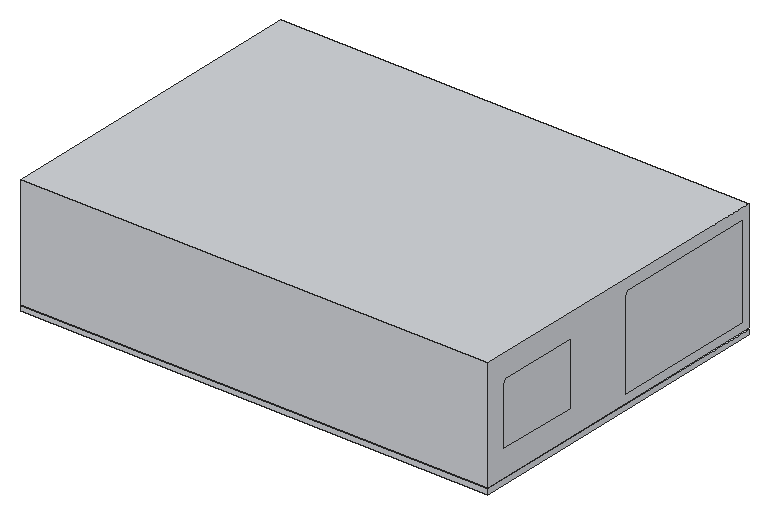
Revit family "AHU 5 _5", category Mechanické zařízení, Revit 2018
Family settings
  Kóta kulaté spojky = Použít průměr
  Typ dílu = Normální
  Číslo OmniClass = 23.75.00.00
  Nadpis OmniClass = Climate Control (HVAC)
  Založené na pracovní rovině = Ne
  Vždy vertikální = Ano
  Ořezat dutým tvarem při načtení = Ne
  Sdílené = Ne
  Bod výpočtu místnosti = Ne
Parameters (values of type "DUPLEXVENT 2500 Multi Eco")
  Width [instance] = 1.6 mm
  Weight [instance] = 324.00 kg
  URL = ""
  Type [instance] = "DUPLEXVENT 2500 Multi Eco"
  Total_SFP [instance] = 0
  Supply_outlet_hum [instance] = 90
  Supply_inlet_hum [instance] = 90
  Supply_ext_pressure [instance] = 0.0 Pa
  Supply_SFP [instance] = 0
  Source_adu_file [instance] = ""
  Recuperation_type [instance] = "Plate heat recovery exchanger"
  Recuperation_efficiency_EN308 [instance] = 0
  Project_name [instance] = ""
  Project_date [instance] = "10.8.2023"
  Power_supply_fusing [instance] = "0"
  Power_supply_cable [instance] = "0"
  Position [instance] = "AHU 5 "
  Phases_count [instance] = 3
  Panel_thickness [instance] = 0.06 mm
  Outer_surface [instance] = "RAL 9002"
  Length [instance] = 2.3 mm
  Insulation_type [instance] = "PUR"
  Insulation_thickness [instance] = 0.05 mm
  Installation_environment [instance] = ""
  Input_power_max [instance] = 5000 W
  Inner_surface [instance] = "Pozink"
  I2 [instance] = I1  # 0.0 L/s
  Height [instance] = 0.58 mm
  Exhaust_outlet_hum [instance] = 0
  Exhaust_inlet_hum [instance] = 40
  Exhaust_ext_pressure [instance] = 0.0 Pa
  Exhaust_SFP [instance] = 0
  E1 [instance] = E2 - M1  # 0.0 L/s
  E2 [instance] = 0.0 L/s
  I1 [instance] = 0.0 L/s
  Description = ""
  M1 [instance] = 0.0 L/s
  Device_dutypoint_version [instance] = "1"
  Device_design_version [instance] = "13"
  Device_adu_id [instance] = "5"
  Current_max [instance] = 8 A
  Casing_mat [instance] = "painted zinc layer"
  Cable type [instance] = "CYKY 5Jx2,5"
Reference planes
  plane 1 "Střed (vpředu/vzadu)": y = 0
  plane 2 "ref": z = 0
  plane 3 "Střed (vlevo/vpravo)": x = 0
Forms (mm)
  Sweep 1, solid
    path origin (0, 0, -550) x (0, 0, 1) y (1, 0, 0)
      loop
        line (0, 0) -> (550, 0)
    profile origin (0, 0, -550) x (1, 0, 0) y (0, 1, 0)
      loop
        line (0, 0) -> (2300, 0) -> (2300, 1600) -> (0, 1600) -> (0, 0)
  Sweep 2, solid
    path origin (2299, 300, -270) x (1, 0, 0) y (0, 1, 0)
      loop
        line (0, 0) -> (1, 0)
    profile origin (2299, 300, -270) x (0, 1, 0) y (0, 0, 1)
      loop
        line (200, 150) -> (-200, 150) -> (-200, -150) -> (200, -150) -> (200, 150)
  Sweep 3, solid
    path origin (1, 1205, -285) x (0, 1, 0) y (-1, 0, 0)
      loop
        line (0, 0) -> (0, 1)
    profile origin (1, 1205, -285) x (0, -1, 0) y (0, 0, 1)
      loop
        line (-355, 225) -> (-355, -225) -> (355, -225) -> (355, 225) -> (-355, 225)
  Sweep 4, solid
    path origin (1, 300, -270) x (0, 1, 0) y (-1, 0, 0)
      loop
        line (0, 0) -> (0, 1)
    profile origin (1, 300, -270) x (0, -1, 0) y (0, 0, 1)
      loop
        line (-200, 150) -> (-200, -150) -> (200, -150) -> (200, 150) -> (-200, 150)
  Sweep 5, solid
    path origin (2299, 1205, -285) x (1, 0, 0) y (0, 1, 0)
      loop
        line (0, 0) -> (1, 0)
    profile origin (2299, 1205, -285) x (0, 1, 0) y (0, 0, 1)
      loop
        line (355, 225) -> (-355, 225) -> (-355, -225) -> (355, -225) -> (355, 225)
  Sweep 6, solid
    path origin (2233, 1533, -550) x (0, -1, 0) y (0, 0, 1)
      loop
        line (0, 0) -> (0, -50)
    profile origin (2233, 1533, -550) x (-1, 0, 0) y (0, -1, 0)
      loop
        circle (0, 0) r 20
  Sweep 7, solid
    path origin (1051, 1533, -550) x (0, -1, 0) y (0, 0, 1)
      loop
        line (0, 0) -> (0, -50)
    profile origin (1051, 1533, -550) x (-1, 0, 0) y (0, -1, 0)
      loop
        circle (0, 0) r 20
  Sweep 8, solid
    path origin (0, 0, -580) x (0, 0, 1) y (1, 0, 0)
      loop
        line (0, 0) -> (25, 0)
    profile origin (0, 0, -580) x (1, 0, 0) y (0, 1, 0)
      loop
        line (0, 0) -> (2300, 0) -> (2300, 1600) -> (0, 1600) -> (0, 0)
  Sweep 9, solid
    path origin (0, 0, -473) x (0, 0, 1) y (1, 0, 0)
      loop
        line (0, 0) -> (305, 0)
    profile origin (0, 0, -473) x (1, 0, 0) y (0, 1, 0)
      loop
        line (1320, 1600) -> (1725, 1600) -> (1725, 1690) -> (1320, 1690) -> (1320, 1600)
  Sweep 10, solid
    path origin (1320, 1645, -321) x (0, 0, -1) y (1, 0, 0)
      loop
        line (0, 0) -> (0, -1)
    profile origin (1320, 1645, -321) x (0, 0, -1) y (0, -1, 0)
      loop
        circle (0, 0) r 10
Lines and regions (mm)
  model lines, style "Symbol"
    curve 1: line (1357, 0, 0) -> (1357, 320, 0)
    curve 2: line (1357, 1600, 0) -> (1357, 1280, 0)
    curve 3: line (0, 800, 0) -> (877, 800, 0)
    curve 4: line (2300, 800, 0) -> (1837, 800, 0)
    curve 5: line (877, 800, 0) -> (1117, 1280, 0)
    curve 6: line (1117, 1280, 0) -> (1597, 1280, 0)
    curve 7: line (1597, 1280, 0) -> (1837, 800, 0)
    curve 8: line (1837, 800, 0) -> (1597, 320, 0)
    curve 9: line (1597, 320, 0) -> (1357, 320, 0)
    curve 10: line (1357, 320, 0) -> (1117, 320, 0)
    curve 11: line (1117, 320, 0) -> (877, 800, 0)
    curve 12: line (352, 1086, 0) -> (96, 1130, 0)
    curve 13: line (352, 1314, 0) -> (96, 1270, 0)
    curve 14: line (1948, 1314, 0) -> (2204, 1270, 0)
    curve 15: line (1948, 1086, 0) -> (2204, 1130, 0)
    curve 16: line (2254, 640, 0) -> (2254, 160, 0)
    curve 17: line (2254, 160, 0) -> (2116, 160, 0)
    curve 18: line (2116, 160, 0) -> (2116, 640, 0)
    curve 19: line (2116, 640, 0) -> (2254, 640, 0)
    curve 20: line (2185, 640, 0) -> (2116, 400, 0)
    curve 21: line (2185, 160, 0) -> (2116, 400, 0)
    curve 22: line (46, 160, 0) -> (46, 640, 0)
    curve 23: line (46, 640, 0) -> (184, 640, 0)
    curve 24: line (184, 640, 0) -> (184, 160, 0)
    curve 25: line (184, 160, 0) -> (46, 160, 0)
    curve 26: line (115, 160, 0) -> (184, 400, 0)
    curve 27: line (115, 640, 0) -> (184, 400, 0)
    curve 28: line (1612, 316, 0) -> (1830, 744, 0)
    curve 29: line (1830, 744, 0) -> (1902, 708, 0)
    curve 30: line (1902, 708, 0) -> (1684, 280, 0)
    curve 31: line (1684, 280, 0) -> (1612, 316, 0)
    curve 32: line (1758, 584, 0) -> (1844, 612, 0)
    curve 33: line (1670, 412, 0) -> (1756, 440, 0)
    curve 34: line (2207, 1533, -550) -> (2259, 1533, -550)
    curve 35: line (2233, 1507, -550) -> (2233, 1559, -550)
    curve 36: line (1025, 1533, -550) -> (1077, 1533, -550)
    curve 37: line (1051, 1507, -550) -> (1051, 1559, -550)
    curve 38: line (2300, 0, -1780) -> (2300, 0, -580)
    curve 39: line (0, 0, -1780) -> (0, 0, -580)
    curve 40: line (2300, 0, -1780) -> (0, 0, -1780)
    curve 41: line (2300, 1600, -1780) -> (2300, 1600, -580)
    curve 42: line (0, 1600, -1780) -> (0, 1600, -580)
    curve 43: line (2300, 1600, -1780) -> (0, 1600, -1780)
    curve 44: line (2300, 0, -1780) -> (2300, 1600, -1780)
    curve 45: line (0, 0, -1780) -> (0, 1600, -1780)
    curve 46: line (2300, 1400, -1780) -> (2100, 1600, -1780)
    curve 47: line (2300, 1200, -1780) -> (1900, 1600, -1780)
    curve 48: line (2300, 1000, -1780) -> (1700, 1600, -1780)
    curve 49: line (2300, 800, -1780) -> (1500, 1600, -1780)
    curve 50: line (2300, 600, -1780) -> (1300, 1600, -1780)
    curve 51: line (2300, 400, -1780) -> (1100, 1600, -1780)
    curve 52: line (2300, 200, -1780) -> (900, 1600, -1780)
    curve 53: line (2300, 0, -1780) -> (700, 1600, -1780)
    curve 54: line (2100, 0, -1780) -> (500, 1600, -1780)
    curve 55: line (1900, 0, -1780) -> (300, 1600, -1780)
    curve 56: line (1700, 0, -1780) -> (100, 1600, -1780)
    curve 57: line (1500, 0, -1780) -> (0, 1500, -1780)
    curve 58: line (1300, 0, -1780) -> (0, 1300, -1780)
    curve 59: line (1100, 0, -1780) -> (0, 1100, -1780)
    curve 60: line (900, 0, -1780) -> (0, 900, -1780)
    curve 61: line (700, 0, -1780) -> (0, 700, -1780)
    curve 62: line (500, 0, -1780) -> (0, 500, -1780)
    curve 63: line (300, 0, -1780) -> (0, 300, -1780)
    curve 64: line (100, 0, -1780) -> (0, 100, -1780)
    curve 65: line (0, 1400, -1780) -> (0, 1600, -1580)
    curve 66: line (0, 1200, -1780) -> (0, 1600, -1380)
    curve 67: line (0, 1000, -1780) -> (0, 1600, -1180)
    curve 68: line (0, 800, -1780) -> (0, 1600, -980)
    curve 69: line (0, 600, -1780) -> (0, 1600, -780)
    curve 70: line (0, 400, -1780) -> (0, 1600, -580)
    curve 71: line (0, 200, -1780) -> (0, 1400, -580)
    curve 72: line (0, 0, -1780) -> (0, 1200, -580)
    curve 73: line (0, 0, -1580) -> (0, 1000, -580)
    curve 74: line (0, 0, -1380) -> (0, 800, -580)
    curve 75: line (0, 0, -1180) -> (0, 600, -580)
    curve 76: line (0, 0, -980) -> (0, 400, -580)
    curve 77: line (0, 0, -780) -> (0, 200, -580)
    curve 78: line (2300, 1600, -1580) -> (2100, 1600, -1780)
    curve 79: line (2300, 1600, -1380) -> (1900, 1600, -1780)
    curve 80: line (2300, 1600, -1180) -> (1700, 1600, -1780)
    curve 81: line (2300, 1600, -980) -> (1500, 1600, -1780)
    curve 82: line (2300, 1600, -780) -> (1300, 1600, -1780)
    curve 83: line (2300, 1600, -580) -> (1100, 1600, -1780)
    curve 84: line (2100, 1600, -580) -> (900, 1600, -1780)
    curve 85: line (1900, 1600, -580) -> (700, 1600, -1780)
    curve 86: line (1700, 1600, -580) -> (500, 1600, -1780)
    curve 87: line (1500, 1600, -580) -> (300, 1600, -1780)
    curve 88: line (1300, 1600, -580) -> (100, 1600, -1780)
    curve 89: line (1100, 1600, -580) -> (0, 1600, -1680)
    curve 90: line (900, 1600, -580) -> (0, 1600, -1480)
    curve 91: line (700, 1600, -580) -> (0, 1600, -1280)
    curve 92: line (500, 1600, -580) -> (0, 1600, -1080)
    curve 93: line (300, 1600, -580) -> (0, 1600, -880)
    curve 94: line (100, 1600, -580) -> (0, 1600, -680)
    curve 95: line (0, 2320, 0) -> (0, 1600, 0)
    curve 96: line (2300, 2320, 0) -> (2300, 1600, 0)
    curve 97: line (0, 2320, 0) -> (2300, 2320, 0)
    curve 98: line (0, 2320, -550) -> (0, 1600, -550)
    curve 99: line (2300, 2320, -550) -> (2300, 1600, -550)
    curve 100: line (0, 2320, -550) -> (2300, 2320, -550)
    curve 101: line (0, 2320, 0) -> (0, 2320, -550)
    curve 102: line (2300, 2320, 0) -> (2300, 2320, -550)
    curve 103: line (0, 2320, -350) -> (200, 2320, -550)
    curve 104: line (0, 2320, -150) -> (400, 2320, -550)
    curve 105: line (50, 2320, 0) -> (600, 2320, -550)
    curve 106: line (250, 2320, 0) -> (800, 2320, -550)
    curve 107: line (450, 2320, 0) -> (1000, 2320, -550)
    curve 108: line (650, 2320, 0) -> (1200, 2320, -550)
    curve 109: line (850, 2320, 0) -> (1400, 2320, -550)
    curve 110: line (1050, 2320, 0) -> (1600, 2320, -550)
    curve 111: line (1250, 2320, 0) -> (1800, 2320, -550)
    curve 112: line (1450, 2320, 0) -> (2000, 2320, -550)
    curve 113: line (1650, 2320, 0) -> (2200, 2320, -550)
    curve 114: line (1850, 2320, 0) -> (2300, 2320, -450)
    curve 115: line (2050, 2320, 0) -> (2300, 2320, -250)
    curve 116: line (2250, 2320, 0) -> (2300, 2320, -50)
    curve 117: line (2300, 2320, -350) -> (2300, 2120, -550)
    curve 118: line (2300, 2320, -150) -> (2300, 1920, -550)
    curve 119: line (2300, 2270, 0) -> (2300, 1720, -550)
    curve 120: line (2300, 2070, 0) -> (2300, 1600, -470)
    curve 121: line (2300, 1870, 0) -> (2300, 1600, -270)
    curve 122: line (2300, 1670, 0) -> (2300, 1600, -70)
    curve 123: line (0, 2120, -550) -> (200, 2320, -550)
    curve 124: line (0, 1920, -550) -> (400, 2320, -550)
    curve 125: line (0, 1720, -550) -> (600, 2320, -550)
    curve 126: line (80, 1600, -550) -> (800, 2320, -550)
    curve 127: line (280, 1600, -550) -> (1000, 2320, -550)
    curve 128: line (480, 1600, -550) -> (1200, 2320, -550)
    curve 129: line (680, 1600, -550) -> (1400, 2320, -550)
    curve 130: line (880, 1600, -550) -> (1600, 2320, -550)
    curve 131: line (1080, 1600, -550) -> (1800, 2320, -550)
    curve 132: line (1280, 1600, -550) -> (2000, 2320, -550)
    curve 133: line (1480, 1600, -550) -> (2200, 2320, -550)
    curve 134: line (1680, 1600, -550) -> (2300, 2220, -550)
    curve 135: line (1880, 1600, -550) -> (2300, 2020, -550)
    curve 136: line (2080, 1600, -550) -> (2300, 1820, -550)
    curve 137: line (2280, 1600, -550) -> (2300, 1620, -550)
    curve 138: line (0, 0, -555) -> (0, 1600, -555)
    curve 139: line (0, 1600, -555) -> (1120, 1600, -555)
    curve 140: line (1120, 1600, -555) -> (1120, 0, -555)
    curve 141: line (1120, 0, -555) -> (0, 0, -555)
    curve 142: line (1380, 0, -555) -> (1380, 1600, -555)
    curve 143: line (1380, 1600, -555) -> (2300, 1600, -555)
    curve 144: line (2300, 1600, -555) -> (2300, 0, -555)
    curve 145: line (2300, 0, -555) -> (1380, 0, -555)
    curve 146: line (0, 0, -555) -> (2300, 0, -555)
    curve 147: line (0, 1600, -555) -> (2300, 1600, -555)
    curve 148: line (0, 0, -555) -> (0, 1600, -555)
    curve 149: line (2300, 0, -555) -> (2300, 1600, -555)
    curve 150: line (0, 0, -555) -> (0, 0, -580)
    curve 151: line (2300, 0, -555) -> (2300, 0, -580)
    curve 152: line (0, 1600, -555) -> (0, 1600, -580)
    curve 153: line (2300, 1600, -555) -> (2300, 1600, -580)
    curve 154: line (-9, 1650, 0) -> (42, 1650, 0)
    curve 155: line (42, 1650, 0) -> (42, 1600, 0)
    curve 156: line (42, 1600, 0) -> (-9, 1600, 0)
    curve 157: line (-9, 1600, 0) -> (-9, 1650, 0)
    curve 158: line (-9, 1600, -150) -> (-9, 1600, 0)
    curve 159: line (-9, 1600, 0) -> (42, 1600, 0)
    curve 160: line (42, 1600, 0) -> (42, 1600, -150)
    curve 161: line (42, 1600, -150) -> (-9, 1600, -150)
    curve 162: line (-9, 1613, -150) -> (-9, 1650, 0)
    curve 163: line (-9, 1650, 0) -> (-9, 1600, 0)
    curve 164: line (-9, 1600, 0) -> (-9, 1600, -150)
    curve 165: line (-9, 1600, -150) -> (-9, 1613, -150)
    curve 166: line (42, 1613, -150) -> (42, 1650, 0)
    curve 167: line (42, 1650, 0) -> (42, 1600, 0)
    curve 168: line (42, 1600, 0) -> (42, 1600, -150)
    curve 169: line (42, 1600, -150) -> (42, 1613, -150)
    curve 170: line (42, -50, 0) -> (-9, -50, 0)
    curve 171: line (-9, -50, 0) -> (-9, 0, 0)
    curve 172: line (-9, 0, 0) -> (42, 0, 0)
    curve 173: line (42, 0, 0) -> (42, -50, 0)
    curve 174: line (42, 0, -150) -> (42, 0, 0)
    curve 175: line (42, 0, 0) -> (-9, 0, 0)
    curve 176: line (-9, 0, 0) -> (-9, 0, -150)
    curve 177: line (-9, 0, -150) -> (42, 0, -150)
    curve 178: line (42, -13, -150) -> (42, -50, 0)
    curve 179: line (42, -50, 0) -> (42, 0, 0)
    curve 180: line (42, 0, 0) -> (42, 0, -150)
    curve 181: line (42, 0, -150) -> (42, -13, -150)
    curve 182: line (-9, -13, -150) -> (-9, -50, 0)
    curve 183: line (-9, -50, 0) -> (-9, 0, 0)
    curve 184: line (-9, 0, 0) -> (-9, 0, -150)
    curve 185: line (-9, 0, -150) -> (-9, -13, -150)
    curve 186: line (2309, -50, 0) -> (2259, -50, 0)
    curve 187: line (2259, -50, 0) -> (2259, 0, 0)
    curve 188: line (2259, 0, 0) -> (2309, 0, 0)
    curve 189: line (2309, 0, 0) -> (2309, -50, 0)
    curve 190: line (2309, 0, -150) -> (2309, 0, 0)
    curve 191: line (2309, 0, 0) -> (2259, 0, 0)
    curve 192: line (2259, 0, 0) -> (2259, 0, -150)
    curve 193: line (2259, 0, -150) -> (2309, 0, -150)
    curve 194: line (2309, -13, -150) -> (2309, -50, 0)
    curve 195: line (2309, -50, 0) -> (2309, 0, 0)
    curve 196: line (2309, 0, 0) -> (2309, 0, -150)
    curve 197: line (2309, 0, -150) -> (2309, -13, -150)
    curve 198: line (2259, -13, -150) -> (2259, -50, 0)
    curve 199: line (2259, -50, 0) -> (2259, 0, 0)
    curve 200: line (2259, 0, 0) -> (2259, 0, -150)
    curve 201: line (2259, 0, -150) -> (2259, -13, -150)
    curve 202: line (2259, 1650, 0) -> (2309, 1650, 0)
    curve 203: line (2309, 1650, 0) -> (2309, 1600, 0)
    curve 204: line (2309, 1600, 0) -> (2259, 1600, 0)
    curve 205: line (2259, 1600, 0) -> (2259, 1650, 0)
    curve 206: line (2259, 1600, -150) -> (2259, 1600, 0)
    curve 207: line (2259, 1600, 0) -> (2309, 1600, 0)
    curve 208: line (2309, 1600, 0) -> (2309, 1600, -150)
    curve 209: line (2309, 1600, -150) -> (2259, 1600, -150)
    curve 210: line (2259, 1613, -150) -> (2259, 1650, 0)
    curve 211: line (2259, 1650, 0) -> (2259, 1600, 0)
    curve 212: line (2259, 1600, 0) -> (2259, 1600, -150)
    curve 213: line (2259, 1600, -150) -> (2259, 1613, -150)
    curve 214: line (2309, 1613, -150) -> (2309, 1650, 0)
    curve 215: line (2309, 1650, 0) -> (2309, 1600, 0)
    curve 216: line (2309, 1600, 0) -> (2309, 1600, -150)
    curve 217: line (2309, 1600, -150) -> (2309, 1613, -150)
    curve 218: circle (240, 1200, 0) r 160 normal (0, 0, 1)
    curve 219: circle (2060, 1200, 0) r 160 normal (0, 0, 1)
    curve 220: circle (1801, 598, 0) r 12 normal (0, 0, 1)
    curve 221: circle (1713, 426, 0) r 12 normal (0, 0, 1)
    curve 222: circle (2233, 1533, -550) r 20 normal (0, 0, 1)
    curve 223: circle (1051, 1533, -550) r 20 normal (0, 0, 1)
    curve 224: circle (17, 1625, 0) r 5 normal (0, 0, 1)
    curve 225: circle (17, -25, 0) r 5 normal (0, 0, 1)
    curve 226: circle (2284, -25, 0) r 5 normal (0, 0, 1)
    curve 227: circle (2284, 1625, 0) r 5 normal (0, 0, 1)
Dimensions and locks
  aligned and locked: level to plane 2 "ref"
Connectors
  hvac at (2300, 300, -270), driven by "E1"
    settings: on Sweep 2, index 1, duct flow 0.0 L/s, flow factor 0, pres drop 0.0 Pa, loss coef 0, conn angle 0.00°, conn width 400 mm, conn height 300 mm, conn diameter 609.6 mm, duct sys type 1, conn prof type 1, flow config 1, flow direction 1, loss method 0, conn ref index -1, conn util no, is conn primary yes, conn desc ""
  hvac at (0, 1205, -285), driven by "E2"
    settings: on Sweep 3, index 2, duct flow 0.0 L/s, flow factor 1, pres drop 0.0 Pa, loss coef 0, conn angle 0.00°, conn width 710 mm, conn height 450 mm, conn diameter 609.6 mm, duct sys type 1, conn prof type 1, flow config 2, flow direction 2, loss method 0, conn ref index -1, conn util no, is conn primary no, conn desc ""
  hvac at (0, 300, -270), driven by "I1"
    settings: on Sweep 4, index 3, duct flow 0.0 L/s, flow factor 1, pres drop 0.0 Pa, loss coef 0, conn angle 0.00°, conn width 400 mm, conn height 300 mm, conn diameter 609.6 mm, duct sys type 3, conn prof type 1, flow config 2, flow direction 1, loss method 0, conn ref index -1, conn util no, is conn primary no, conn desc ""
  hvac at (2300, 1205, -285), driven by "I2"
    settings: on Sweep 5, index 4, duct flow 0.0 L/s, flow factor 0, pres drop 0.0 Pa, loss coef 0, conn angle 0.00°, conn width 710 mm, conn height 450 mm, conn diameter 609.6 mm, duct sys type 3, conn prof type 1, flow config 1, flow direction 2, loss method 0, conn ref index -1, conn util no, is conn primary no, conn desc ""
  piping at (2233, 1533, -600), diameter 40
    settings: on Sweep 6, index 5, connector inside diameter 609.6 mm, connector length 0 mm, flow factor 0, pipe flow 0.0 L/s, pressure drop 0.0 Pa, fitting loss kfactor 0, connector angle 0.00°, fixture units 0, engagement length 0 mm, angle of deflection 0.00°, flow configuration 1, flow direction 2, fitting loss method 0, system type 16, joint type 0, gender type 0, connector reference index -1, connector utility 0, adjustable connector no, is connector primary yes, connector description ""
  piping at (1051, 1533, -600), diameter 40
    settings: on Sweep 7, index 6, connector inside diameter 609.6 mm, connector length 0 mm, flow factor 0, pipe flow 0.0 L/s, pressure drop 0.0 Pa, fitting loss kfactor 0, connector angle 0.00°, fixture units 0, engagement length 0 mm, angle of deflection 0.00°, flow configuration 1, flow direction 2, fitting loss method 0, system type 16, joint type 0, gender type 0, connector reference index -1, connector utility 0, adjustable connector no, is connector primary no, connector description ""
  electrical at (1319, 1645, -321)
    settings: on Sweep 10, index 7, voltage 400 V, apparent load 0 VA, apparent load phase1 0 VA, apparent load phase2 0 VA, apparent load phase3 0 VA, power factor 1, load classification "Další", number of poles 3, system type 31, power factor state 1, is connector primary yes, connector utility no, sub classification motor no, connector description ""
